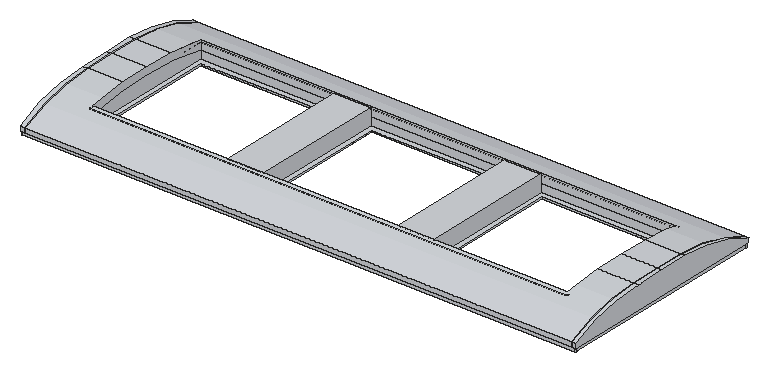
Revit family "Gira_021385", category Electrical Fixtures, host Face, Revit 2017
Family settings
  Host = Face
  Maintain Annotation Orientation = No
  Round Connector Dimension = Use Diameter
  Part Type = Normal
  Cut with Voids When Loaded = No
  Shared = No
  Room Calculation Point = No
Parameters (values of type "Abdeckrahmen 3f Zwischenr. AN Gira Event Opak Mint")
  Werkstoffgüte = "Thermoplast"
  Werkstoff = "Kunststoff"
  URL = "http://katalog.gira.de/de_DE/datenblatt.html?artikelnr=021385"
  Transparent = "No"
  Textfeld/Beschriftungsfläche = "No"
  Schutzart (IP) = "IP20"
  Region = "DE"
  Oberfläche = "sonstige"
  Name = "Abdeckrahmen 3f Zwischenr. AN Gira Event Opak Mint"
  Montagerichtung = "horizontal und vertikal"
  Mit Montagerahmen = "No"
  Mit Klappdeckel = "No"
  Manufacturer URL = "https://www.gira.de/"
  Keynote = "Event_Rahmen_3fach"
  HeinzeBIM = "https://bimportal.heinze.de/bim/abdeckrahmen-3f-zwischenr-an-gira-event-opak-mint/bc3d1ed0a31ca5e52f3902f12d1f91ecd2f3e2ba"
  Halogenfrei = "Yes"
  HAN = "021385"
  Geeignet für Unterputz-Installation = "Yes"
  Geeignet für Unterflurkanaldose = "No"
  Geeignet für Geräteeinbaukanal = "No"
  Geeignet für Einbauinstallation = "No"
  GTIN = "4010337213857"
  Farbe = "grün"
  Default Elevation = 1219.2 mm
  Data sheet (1) = "https://katalog.gira.de/de_DE/download.html?artikelnr=021385"
  Category = "Abdeckrahmen"
  Befestigungsart = "Klemmbefestigung"
  Available = "Yes"
  Anzahl der Einheiten vertikal = "3 "
  Anzahl der Einheiten horizontal = "3 "
  Anzahl der Einheiten = "3 "
Reference planes
  plane 1 "Center (Front/Back)": y = 0
  plane 2: z = 0
  plane 3 "Center (Left/Right)": x = 0
Forms (mm)
  Extrusion 1, solid, detail levels fine
    sketch origin (0, 0, 0.05) x (0, 1, 0) y (0, 0, 1)
      loop
        arc (12.445, 9.683) -> (6.223, 9.833) -> (0, 9.85) r 291.636
        arc (0, 9.85) -> (-6.223, 9.833) -> (-12.445, 9.683) r 291.636
        arc (-12.445, 9.683) -> (-29.14, 7.482) -> (-45, 1.823) r 79.728
        line (-45, 1.823) -> (-45, -0.05) -> (-42.086, -0.05)
        arc (-42.086, -0.05) -> (-21.385, 5.559) -> (0, 7.206) r 114.424
        arc (0, 7.206) -> (21.385, 5.559) -> (42.086, -0.05) r 114.424
        line (42.086, -0.05) -> (45, -0.05) -> (45, 1.823)
        arc (45, 1.823) -> (29.14, 7.482) -> (12.445, 9.683) r 79.728
    from -114.3 to 114.3
  Extrusion 2, void, detail levels fine
    sketch origin (0, 0, 0) x (1, 0, 0) y (0, 1, 0)
      loop
        line (-99.355, -28.053) -> (99.355, -28.053) -> (99.355, 28.053) -> (-99.355, 28.053) -> (-99.355, -28.053)
    from 0.724 to 11
  Extrusion 3, solid, detail levels coarse
    sketch origin (0, 0, 0) x (1, 0, 0) y (0, 1, 0)
      loop
        line (-116.3, 45) -> (-116.3, -45) -> (116.3, -45) -> (116.3, 45) -> (-116.3, 45)
    from -1.5 to 9.9
  Extrusion 4, solid, detail levels medium
    sketch origin (0, 0, 0.05) x (0, 1, 0) y (0, 0, 1)
      loop
        arc (12.445, 9.683) -> (6.223, 9.833) -> (0, 9.85) r 291.636
        arc (0, 9.85) -> (-6.223, 9.833) -> (-12.445, 9.683) r 291.636
        arc (-12.445, 9.683) -> (-29.14, 7.482) -> (-45, 1.823) r 79.728
        line (-45, 1.823) -> (-45, -0.05) -> (45, -0.05) -> (45, 1.823)
        arc (45, 1.823) -> (29.14, 7.482) -> (12.445, 9.683) r 79.728
    from -116.3 to 116.3
  Extrusion 5, solid, detail levels fine
    sketch origin (-71.3, 0, -1.5) x (0, 1, 0) y (0, 0, -1)
      loop
        line (45, -3.373) -> (45, -1.5) -> (-45, -1.5) -> (-45, -3.373)
        arc (-45, -3.373) -> (-29.14, -9.032) -> (-12.445, -11.233) r 79.728
        arc (-12.445, -11.233) -> (-6.223, -11.383) -> (0, -11.4) r 291.636
        arc (0, -11.4) -> (6.223, -11.383) -> (12.445, -11.233) r 291.636
        arc (12.445, -11.233) -> (29.14, -9.032) -> (45, -3.373) r 79.728
    from 43 to 45
  Extrusion 6, solid, detail levels fine
    sketch origin (0, 0, 0) x (1, 0, 0) y (0, 1, 0)
      loop
        line (-97.195, 25.7) -> (-97.195, -25.7) -> (-45.395, -25.7) -> (-45.395, 25.7) -> (-97.195, 25.7)
      loop
        line (25.9, -25.7) -> (25.9, 25.7) -> (-25.9, 25.7) -> (-25.9, -25.7) -> (25.9, -25.7)
      loop
        line (-100.19, 28.49) -> (-100.19, -28.495)
        spline (-100.19, -28.495) -> (-100.181, -28.625) -> (-100.156, -28.754) -> (-100.113, -28.878) -> (-100.056, -28.995) -> (-99.983, -29.104) -> (-99.897, -29.202) -> (-99.798, -29.288) -> (-99.69, -29.361) -> (-99.572, -29.419) -> (-99.448, -29.461) -> (-99.32, -29.486) -> (-99.19, -29.495)
        line (-99.19, -29.495) -> (99.195, -29.495)
        spline (99.195, -29.495) -> (99.325, -29.486) -> (99.454, -29.461) -> (99.578, -29.419) -> (99.695, -29.361) -> (99.804, -29.288) -> (99.902, -29.202) -> (99.988, -29.104) -> (100.061, -28.995) -> (100.119, -28.878) -> (100.161, -28.754) -> (100.186, -28.625) -> (100.195, -28.495)
        line (100.195, -28.495) -> (100.195, 28.49)
        spline (100.195, 28.49) -> (100.186, 28.62) -> (100.161, 28.748) -> (100.119, 28.872) -> (100.061, 28.99) -> (99.988, 29.098) -> (99.902, 29.197) -> (99.804, 29.283) -> (99.695, 29.356) -> (99.578, 29.413) -> (99.454, 29.456) -> (99.325, 29.481) -> (99.195, 29.49)
        line (99.195, 29.49) -> (-99.19, 29.49)
        spline (-99.19, 29.49) -> (-99.32, 29.481) -> (-99.448, 29.456) -> (-99.572, 29.413) -> (-99.69, 29.356) -> (-99.798, 29.283) -> (-99.897, 29.197) -> (-99.983, 29.098) -> (-100.056, 28.99) -> (-100.113, 28.872) -> (-100.156, 28.748) -> (-100.181, 28.62) -> (-100.19, 28.49)
      loop
        line (97.2, -25.7) -> (97.2, 25.7) -> (45.4, 25.7) -> (45.4, -25.7) -> (97.2, -25.7)
    from 0.1 to 7.3
  Extrusion 7, solid
    sketch origin (0, 0, 0) x (1, 0, 0) y (0, 1, 0)
      loop
        arc (-116, -44.2) -> (-115.854, -44.554) -> (-115.5, -44.7) r 0.5
        line (-115.5, -44.7) -> (115.5, -44.7)
        arc (115.5, -44.7) -> (115.854, -44.554) -> (116, -44.2) r 0.5
        line (116, -44.2) -> (116, 44.2)
        arc (116, 44.2) -> (115.854, 44.554) -> (115.5, 44.7) r 0.5
        line (115.5, 44.7) -> (-115.5, 44.7)
        arc (-115.5, 44.7) -> (-115.854, 44.554) -> (-116, 44.2) r 0.5
        line (-116, 44.2) -> (-116, -44.2)
      loop
        line (-114.3, 43) -> (-114.3, -43) -> (114.3, -43) -> (114.3, 43) -> (-114.3, 43)
    from -1.5 to 0.5
  Extrusion 8, solid, detail levels fine
    sketch origin (71.3, 0, -1.5) x (0, 1, 0) y (0, 0, 1)
      loop
        arc (45, 3.373) -> (29.14, 9.032) -> (12.445, 11.233) r 79.728
        arc (12.445, 11.233) -> (6.223, 11.383) -> (0, 11.4) r 291.636
        arc (0, 11.4) -> (-6.223, 11.383) -> (-12.445, 11.233) r 291.636
        arc (-12.445, 11.233) -> (-29.14, 9.032) -> (-45, 3.373) r 79.728
        line (-45, 3.373) -> (-45, 1.5) -> (45, 1.5) -> (45, 3.373)
    from 43 to 45
  Extrusion 9, solid, detail levels medium
    sketch origin (0, 0, 0) x (1, 0, 0) y (0, 1, 0)
      loop
        line (-116, -44.7) -> (116, -44.7) -> (116, 44.7) -> (-116, 44.7) -> (-116, -44.7)
    from -1.5 to 0.5
  Extrusion 10, solid, detail levels fine
    sketch origin (-34.207, 0, 0) x (1, 0, 0) y (0, 1, 0)
      loop
        line (-8.943, 28.063) -> (-8.943, -27.937) -> (6.057, -27.937) -> (6.057, 28.063) -> (-8.943, 28.063)
    from 0.724 to 7.566
  Extrusion 11, solid, detail levels fine
    sketch origin (34.207, 0, 0) x (-1, 0, 0) y (0, -1, 0)
      loop
        line (-8.943, -28.063) -> (6.057, -28.063) -> (6.057, 27.937) -> (-8.943, 27.937) -> (-8.943, -28.063)
    from 0.724 to 7.566
Cuts and joins
  Extrusion 2 cuts Extrusion 1
  Extrusion 2 cuts Extrusion 6
Dimensions and locks
  aligned and locked: plane 2 to host face
  aligned and locked: level to host face
